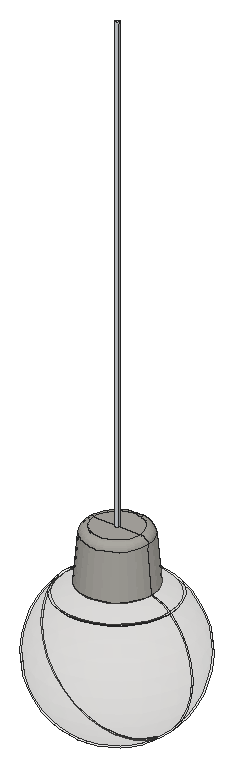
Revit family "Lighting_Pendants_Zero_Shibuya_Single_Pendant", category Lighting Fixtures, Revit 2020
Family settings
  Round Connector Dimension = Use Diameter
  Part Type = Normal
  OmniClass Number = 23.80.70.00
  OmniClass Title = Lighting
  Work Plane-Based = Yes
  Always vertical = Yes
  Cut with Voids When Loaded = No
  Light Source = Yes
  Shared = No
  Room Calculation Point = No
Parameters (values of type "Shibuya Glass Shade Grey")
  Youtube clip = ""
  Weight Net (Kg) = "1.8"
  Wattage Comments = "Recommended: 3.8W LED, 6W LED, 28W Halogen"
  Wattage = 3.16409 W
  WarrantyStartDate [instance] = "n/a"
  WarrantyGuarantorParts = "n/a"
  WarrantyGuarantorLabor = "n/a"
  WarrantyDurationUnit = "Year"
  WarrantyDurationParts = "n/a"
  WarrantyDurationLabor = "n/a"
  WarrantyDescription = "n/a"
  built-in parameter 1150110 = 1 (stored number, unit not read)
  VersionDate = "31/08/2023"  # constant formula
  Version = "3"  # constant formula
  UsageCurrent = 0 A
  Uniformat II Description = ""
  Uniformat II Code = ""
  Uniclass2015Reference = "Pr_70_70_48_86"
  Uniclass2015Description = "Suspended luminaires"
  Uniclass2 = "Pr_70_70_49_86"
  Uniclass 2015 Name = ""
  Uniclass 2015 Code = ""
  Uniclass 2.0 Description = ""
  Uniclass 2.0 Code = ""
  Uniclass 1.4 Description = ""
  Uniclass 1.4 Code = ""
  URL = "https://www.zerolighting.com/shibuyasingle-inompe/"
  UNSPSC Code = ""
  TotalWattage = 28 W
  built-in parameter 1114217 = 1 (stored number, unit not read)
  Tilt Angle = 90.00°
  built-in parameter 1150109 = 1 (stored number, unit not read)
  built-in parameter 1150134 = (empty or 0)
  Technical description = ""
  TagNumber [instance] = "n/a"
  SustainabilityPerformance = "n/a"
  built-in parameter 1150113 = 1 (stored number, unit not read)
  Size = "200x200x250 mm"
  Shape = "Sculptured"
  SerialNumber [instance] = "n/a"
  Revision = "5"  # constant formula
  ReplacementCost = "n/a"
  Region South America = "None"
  Region Oceania = "AU, NZ"
  Region North America = "BZ, CR, GT, HN, MX, NI, PA, SV, US"
  Region Middle East = "AE"
  Region Europe = "AD, AL, AT, AX, BA, BE, BG, BY, CH, CY, CZ, DE, DK, EE, ES, FI, FO, FR, GB, GG, GI, GR, HR, HU, IE, IM, IS, IT, JE, LI, LT, LU, LV, MC, MD, ME, MK, MT, NL, NO, PL, PT, RO, RS, RU, SE, SI, SJ, SK, SM, UA, VA"
  Region Asia = "HK, JP, SG"
  Region Antarctica = "None"
  Region Africa = "None"
  ProductInformation = "n/a"
  Product group = "Pendant"
  Product family = "Shibuya"
  Product certification = ""
  Product SKU = "Shibuya_single"
  Product Guid = "8b76f7d5-498d-4943-b7c3-2cfcd7e7e77a"
  Photometric Web File = "Shibuya8224.IES"
  PhaseReference = "n/a"
  PhaseAngle = 0.00°
  OmniClass Description = ""
  OmniClass Code = ""
  Offset [instance] = -849.993 mm
  NumberOfSources = 0
  NumberOfPoles = 1
  NominalVoltageCalc = 0 V
  NominalVoltage = 230 V
  NominalRadius = 100 mm
  NominalLength = 200 mm
  NominalFrequencyRange = 50 Hz
  NominalDiameter = 200 mm
  NominalCurrent = 0 A
  Nominal width = 0 mm
  Nominal height = 0 mm
  Name = "Zero_Shibuya_Single_Pendant"  # constant formula
  NBSReference = "90-60-50/405"
  NBSDescription = "General purpose luminaires"
  NBS Reference Description = ""
  NBS Reference Code = ""
  ModelType = shibuya02 : shibuya02
  ModelReference = "n/a"
  ModelNumber = "8224-1-11 + 8220-1-XX"
  Model = "Shibuya single Glass shade Grey"
  Material secondary = "Glass"
  Material main = "Aluminium"
  Material = "Metal"
  Masterformat 2014 Description = ""
  Masterformat 2014 Code = ""
  ManufacturersSpecificInformation = "n/a"
  ManufacturerURL = "https://www.zerolighting.com/"
  ManufacturerName = "Zero"
  Manufacturer name = "ZERO"
  Manufacturer country = "Sweden"
  Manufacturer = "Zero"
  MaintenanceFactor = 0
  Lumens = 470 lm
  built-in parameter 1150115 = 1 (stored number, unit not read)
  built-in parameter 1150105 = 86.538 (stored number, unit not read)
  LightFixtureSecondaryMaterial [instance] = Grey RAL 7030
  LightFixturePlacingType = "Ceiling"
  LightFixtureMountingType = "Suspended"
  LightFixtureMainMaterial = Glass Grey
  built-in parameter 1150137 = (empty or 0)
  built-in parameter 1150139 = (empty or 0)
  LensMaterial = Glass
  built-in parameter 1150112 = 1 (stored number, unit not read)
  built-in parameter 1150114 = 1 (stored number, unit not read)
  InsulationStandardClass = "n/a"
  InstallationDate [instance] = "n/a"
  Installation instructions = ""
  built-in parameter 1150132 = 2
  built-in parameter 1150102 = (empty or 0)
  built-in parameter 1150138 = (empty or 0)
  built-in parameter 1150107 = 3000 (stored number, unit not read)
  built-in parameter 1150106 = 0.86538 (stored number, unit not read)
  IfcExportType = "NOTDEFINED"  # constant formula
  IfcExportAs = "IfcLightFixtureType"  # constant formula
  IP_Code = "IP20"
  IFC Classification = ""
  HasProtectiveEarth = yes
  Grade = "n/a"
  GTIN code = ""
  Finish = "Painted aluminum.Shade in painted aluminum or glass"
  Features = "Light fitting art. no. -XX varies with color; -01 = White, -07 = Red, -95 = Grey"
  ExpectedLife = "n/a"
  ElectricalDeviceNominalPower = 0
  built-in parameter 1150104 = 13.8 (stored number, unit not read)
  Edition number = 1
  EANNumber = "n/a"
  DurationUnit = "Year"
  Dimming Lamp Color Temperature Shift = <None>
  Designer = "Thomas Bernstrand"
  Design country = "Sweden"
  DefaultElevation = 0 mm
  Default Elevation [instance] = 1219.2 mm
  Date of publishing = ""
  Constituents = "n/a"
  Color Filter = 16777215
  Color = "Grey"
  Collection = "Shibuya"
  CodePerformance = "n/a"
  Category = "Pendant"
  CableLength [instance] = 600 mm
  COBIe Type Category = ""
  Brand url = "http://www.zero.se"
  Brand = "Zero"
  Barcode [instance] = "n/a"
  built-in parameter 1114218 = 1 (stored number, unit not read)
  BIMObjectName = "Lighting_Pendants_Zero_Shibuya_Single_Pendant"  # constant formula
  Author = "BIMstone"  # constant formula
  built-in parameter 1150133 = 10 (stored number, unit not read)
  AssetType = "Fixed"
  AssetIdentifier [instance] = "n/a"
  ArticleNumber = "8224-1-11 + 8220-1-XX"
  AccessibilityPerformance = "n/a"
Types (6, lengths in mm): name | Wattage Comments | Wattage | Size | Photometric Web File | Offset | NominalRadius | NominalLength | NominalDiameter | ModelType | ModelNumber | Model | Lumens | built-in parameter 1150105 | LightFixtureMainMaterial | built-in parameter 1150106 | Color | ArticleNumber
  Shibuya Shade Alu White | "Recommended: 3.8W LED, 6W LED, 28W Halogen" | 3.16409 W | "200x200x250 mm" | "Shibuya8224.IES" | -849.993 | 100 | 200 | 200 | shibuya02 : shibuya02 | "8224-1-11 + 8220-1-XX" | "Shibuya single Glass shade Grey" | 470 lm | 86.538 (stored number, unit not read) | Glass Grey | 0.86538 (stored number, unit not read) | "Grey" | "8224-1-11 + 8220-1-XX"
  Shibuya Glass Shade Grey | "Recommended: 3.8W LED, 6W LED, 28W Halogen" | 3.16409 W | "200x200x250 mm" | "Shibuya8224.IES" | -849.993 | 100 | 200 | 200 | shibuya02 : shibuya02 | "8224-1-11 + 8220-1-XX" | "Shibuya single Glass shade Grey" | 470 lm | 86.538 (stored number, unit not read) | Glass Grey | 0.86538 (stored number, unit not read) | "Grey" | "8224-1-11 + 8220-1-XX"
  Shibuya Shade Alu Red | "Recommended: 6W LED, 20W Low energy" | 8.21317 W | "300x300x190 mm" | "Shibuya82231.IES" | -795.7 | 150 | 300 | 300 | shibuya01 : shibuya01 | "8223-1-07 + 8220-1-XX" | "Shibuya single Shade alu Red" | 1220 lm | 97.085 (stored number, unit not read) | Red RAL 3001 | 0.97085 (stored number, unit not read) | "Red" | "8223-1-07 + 8220-1-XX"
  Shibuya Shade Alu Grey | "Recommended: 6W LED, 20W Low energy" | 8.21317 W | "300x300x190 mm" | "Shibuya82231.IES" | -795.7 | 150 | 300 | 300 | shibuya01 : shibuya01 | "8223-1-95 + 8220-1-XX" | "Shibuya single Shade alu Grey" | 1220 lm | 97.085 (stored number, unit not read) | Grey RAL 7030 | 0.97085 (stored number, unit not read) | "Grey" | "8223-1-95 + 8220-1-XX"
  Shibuya Glass Shade Red | "Recommended: 3.8W LED, 6W LED, 28W Halogen" | 3.16409 W | "200x200x250 mm" | "Shibuya8224.IES" | -850.2 | 100 | 200 | 200 | shibuya02 : shibuya02 | "8224-1-07 + 8220-1-XX" | "Shibuya single Glass shade Red" | 470 lm | 86.538 (stored number, unit not read) | Glass Red | 0.86538 (stored number, unit not read) | "Red" | "8224-1-07 + 8220-1-XX"
  Shibuya Glass Shade Cognac | "Recommended: 3.8W LED, 6W LED, 28W Halogen" | 3.16409 W | "200x200x250 mm" | "Shibuya8224.IES" | -855.7 | 100 | 200 | 200 | shibuya02 : shibuya02 | "8224-1-16 + 8220-1-XX" | "Shibuya single Glass shade Cognac" | 470 lm | 86.538 (stored number, unit not read) | Glass Red | 0.86538 (stored number, unit not read) | "Cognac" | "8224-1-16 + 8220-1-XX"
Reference planes
  plane 1 "Light Source Axis (F/B)": y = 0
  plane 2: z = 0
  plane 3 "Light Source Axis (L/R)": x = 0
  plane 4 "Ceiling": z = 0
  plane 5 "Light Source Elevation": z = -790
  plane 6: y = 100
  plane 7: y = -100
  plane 8: z = -600
  plane 9: z = -850
  plane 10: x = -100
  plane 11: x = 100
  plane 12: z = 0
Forms (mm)
  Extrusion 1, solid, material "Grey RAL 7030" <- "LightFixtureSecondaryMaterial", detail levels coarse
    sketch origin (0, 0, -111) x (-1, 0, 0) y (0, -1, 0)
      loop
        line (100, 100) -> (-100, 100) -> (-100, -100) -> (100, -100) -> (100, 100)
    from 111 to -739
  Extrusion 2, solid, detail levels medium+fine
    sketch origin (0, 0, -790) x (-1, 0, 0) y (0, -1, 0)
      loop
        circle (0, 0) r 2.5
    from 190 to 790
Lines and regions (mm)
  symbolic lines, detail levels medium+fine
    curve 1: line (0, 2.624, 0) -> (0, 2.624, -600)
    curve 2: line (0, -2.376, -600) -> (0, -2.376, 0)
    curve 3: line (2.5, 0, -600) -> (2.5, 0, 0)
    curve 4: line (-2.5, 0, 0) -> (-2.5, 0, -600)
  symbolic lines, detail levels coarse
    curve 5: line (100, 0, -850) -> (-100, 0, -850)
    curve 6: line (100, 0, 0) -> (100, 0, -850)
    curve 7: line (-100, 0, 0) -> (100, 0, 0)
    curve 8: line (-100, 0, -850) -> (-100, 0, 0)
    curve 9: line (0, 100, -850) -> (0, 100, 0)
    curve 10: line (0, -100, 0) -> (0, -100, -850)
    curve 11: line (0, 100, 0) -> (0, -100, 0)
    curve 12: line (0, -100, -850) -> (0, 100, -850)
    curve 13: line (-100, 100, 0) -> (100, 100, 0)
    curve 14: line (-100, -100, 0) -> (-100, 100, 0)
    curve 15: line (100, -100, 0) -> (-100, -100, 0)
    curve 16: line (100, 100, 0) -> (100, -100, 0)
Dimensions and locks
  equal spacing: plane 6, plane 1 "Light Source Axis (F/B)", plane 7
  "NominalLength": plane 6 to plane 7
  equal spacing: Extrusion 1, plane 3 "Light Source Axis (L/R)", Extrusion 1
  "NominalLength": Extrusion 1 to Extrusion 1
  "CableLength": plane 8 to level
  plane 9 to plane 8 = 250 mm
  locked: plane 5 "Light Source Elevation" to plane 8 at 190
  equal spacing: plane 10, plane 3 "Light Source Axis (L/R)", plane 11
  "NominalLength": plane 10 to plane 11
  aligned and locked: plane 3 "Light Source Axis (L/R)" to imposter light
  aligned and locked: plane 1 "Light Source Axis (F/B)" to imposter light
  aligned and locked: level to Extrusion 2
  aligned and locked: Extrusion 2 to plane 8
  aligned and locked: imposter light to plane 5 "Light Source Elevation"
  aligned and locked: Extrusion 1 to plane 9
  aligned and locked: curve 5 to Extrusion 1
  aligned and locked: curve 6 to Extrusion 1
  aligned and locked: curve 7 to Extrusion 1
  aligned and locked: curve 8 to Extrusion 1
  aligned and locked: curve 9 to Extrusion 1
  aligned and locked: curve 10 to Extrusion 1
  aligned and locked: curve 11 to Extrusion 1
  aligned and locked: curve 12 to Extrusion 1
  aligned and locked: plane 6 to curve 13
  aligned and locked: curve 14 to plane 10
  aligned and locked: plane 11 to curve 16
  aligned and locked: nested 1 to plane 8
Automatic sketch dimensions
  plane 7 to Extrusion 1 sketch curve = 0 mm
  plane 6 to Extrusion 1 sketch curve = 0 mm
  plane 3 "Light Source Axis (L/R)" to Extrusion 1 sketch curve = 100 mm
  Extrusion 1 sketch curve to plane 3 "Light Source Axis (L/R)" = 100 mm
  plane 1 "Light Source Axis (F/B)" to Extrusion 2 sketch curve = 0 mm
  Extrusion 2 sketch curve to plane 3 "Light Source Axis (L/R)" = 0 mm
  curve 2 to plane 8 = 0 mm
  curve 1 to plane 8 = 0 mm
  curve 1 to level = 0 mm
  plane 1 "Light Source Axis (F/B)" to curve 2 = 2.376 mm
  curve 1 to plane 1 "Light Source Axis (F/B)" = 2.624 mm
  curve 4 to plane 8 = 0 mm
  curve 3 to plane 8 = 0 mm
  curve 4 to plane 3 "Light Source Axis (L/R)" = 2.5 mm
  plane 3 "Light Source Axis (L/R)" to curve 3 = 2.5 mm
  curve 10 to plane 7 = 0 mm
  curve 11 to plane 6 = 0 mm
  plane 5 "Light Source Elevation" to curve 10 = 60 mm
  curve 15 to plane 7 = 0 mm
Nested families
  nested 1: "shibuya02" at (0, 0, -849.993), Material2 <- "LightFixtureSecondaryMaterial", type <- "ModelType", Material3 <- "LensMaterial", Material1 <- "LightFixtureMainMaterial", built-in parameter 1001364 <- "Offset", type "shibuya02"
    with Material3 Glass, Material2 Grey RAL 7030, Material1 Glass Grey
Connectors
  electrical at (0, 0, 0), driven by "NominalVoltage"
    settings: on Extrusion 2, index 1, voltage 230 V, apparent load 0 VA, apparent load phase1 0 VA, apparent load phase2 0 VA, apparent load phase3 0 VA, power factor 1, load classification "Other", number of poles 1, system type 31, power factor state 1, is connector primary yes, connector utility no, sub classification motor no, connector description ""
Definition of nested family "shibuya02"
  Parameters (values of type "shibuya02")
    Material3 [instance] = none
    Material2 [instance] = none
    Material1 [instance] = none
    Default Elevation = 0 mm
  Reference planes
    plane 1 "Center (Front/Back)": y = 0
    plane 2: z = 0
    plane 3 "Center (Left/Right)": x = 0
  Forms (mm)
    Revolve 1, solid, material <- "Material2", detail levels medium+fine
      sketch origin (0, 0, 0) x (1, 0, 0) y (0, 0, 1)
        loop
          line (0, 250) -> (-30.934, 250)
          arc (-30.934, 250) -> (-37.651, 247.409) -> (-40.886, 240.978) r 10
          line (-40.886, 240.978) -> (-46.441, 184.439) -> (-45.436, 184.439) -> (-39.891, 240.88)
          arc (-39.891, 240.88) -> (-36.979, 246.668) -> (-30.934, 249) r 9
          line (-30.934, 249) -> (0, 249) -> (0, 250)
        axis (0, 250) -> (0, 184.439)
      angle from 0 to 360
    Revolve 2, solid, material <- "Material1", detail levels medium+fine
      sketch origin (0, 0, 0) x (1, 0, 0) y (0, 0, 1)
        loop
          arc (1.001, -0.249) -> (93.355, 61.402) -> (71.835, 170.338) r 100
          arc (71.835, 170.338) -> (60.133, 179.18) -> (46.441, 184.439) r 52.507
          line (46.441, 184.439) -> (45.436, 184.439) -> (45.436, 182.615)
          arc (45.436, 182.615) -> (58.028, 178.047) -> (68.983, 170.338) r 50.648
          arc (68.983, 170.338) -> (91.889, 63.101) -> (1.001, 1.751) r 98
          line (1.001, 1.751) -> (1.001, -0.249)
        axis (0, -0.249) -> (0, 184.439)
      angle from 0 to 360
  Lines and regions (mm)
    symbolic lines, detail levels medium+fine
      curve 1: line (0, 0, 249.993) -> (0, 31.092, 249.993)
      curve 2: arc (0, 31.092, 249.993) -> (0, 38.106, 247.088) -> (0, 41.011, 240.074) r 9.919
      curve 3: line (0, 41.011, 240.074) -> (0, 46.441, 184.439)
      curve 4: arc (0, 46.441, 184.439) -> (0, 60.84, 178.704) -> (0, 73.006, 169.102) r 53.809
      curve 5: arc (0, 73.006, 169.102) -> (0, 92.988, 138.589) -> (0, 101.056, 103.02) r 102.789
      curve 6: arc (0, 101.056, 103.02) -> (0, 97.441, 72.329) -> (0, 84.244, 44.386) r 95.811
      curve 7: arc (0, 84.244, 44.386) -> (0, 66.587, 24.228) -> (0, 44.169, 9.549) r 98.915
      curve 8: arc (0, 44.169, 9.549) -> (0, 22.638, 2.213) -> (0, 0, 0) r 98.722
      curve 10: line (0, 0, 249.993) -> (0, -31.092, 249.993)
      curve 11: arc (0, -31.092, 249.993) -> (0, -38.106, 247.088) -> (0, -41.011, 240.074) r 9.919
      curve 12: line (0, -41.011, 240.074) -> (0, -46.441, 184.439)
      curve 13: arc (0, -46.441, 184.439) -> (0, -60.84, 178.704) -> (0, -73.006, 169.102) r 53.809
      curve 14: arc (0, -73.006, 169.102) -> (0, -92.988, 138.589) -> (0, -101.056, 103.02) r 102.789
      curve 15: arc (0, -101.056, 103.02) -> (0, -97.441, 72.329) -> (0, -84.244, 44.386) r 95.811
      curve 16: arc (0, -84.244, 44.386) -> (0, -66.587, 24.228) -> (0, -44.169, 9.549) r 98.915
      curve 17: arc (0, -44.169, 9.549) -> (0, -22.638, 2.213) -> (0, 0, 0) r 98.722
      curve 19: line (0, 0, 250.029) -> (-30, 0, 250.029)
      curve 20: arc (-30, 0, 250.029) -> (-37.192, 0, 247.856) -> (-40.812, 0, 241.273) r 9.948
      curve 21: line (-40.812, 0, 241.273) -> (-46.441, 0, 184.439)
      curve 22: arc (-46.441, 0, 184.439) -> (-65.367, 0, 175.841) -> (-79.92, 0, 160.997) r 56.667
      curve 23: arc (-79.92, 0, 160.997) -> (-95.706, 0, 132.06) -> (-101.082, 0, 99.538) r 98.695
      curve 24: arc (-101.082, 0, 99.538) -> (-95.581, 0, 67.06) -> (-79.92, 0, 38.079) r 100.984
      curve 25: arc (-79.92, 0, 38.079) -> (-63.15, 0, 21.243) -> (-42.757, 0, 9.045) r 95.952
      curve 26: arc (-42.757, 0, 9.045) -> (-21.847, 0, 2.307) -> (0, 0, 0) r 106.588
      curve 27: line (0, 0, 250.029) -> (30, 0, 250.029)
      curve 28: arc (30, 0, 250.029) -> (37.192, 0, 247.856) -> (40.812, 0, 241.273) r 9.948
      curve 29: line (40.812, 0, 241.273) -> (46.441, 0, 184.439)
      curve 30: arc (46.441, 0, 184.439) -> (65.367, 0, 175.841) -> (79.92, 0, 160.997) r 56.667
      curve 31: arc (79.92, 0, 160.997) -> (95.706, 0, 132.06) -> (101.082, 0, 99.538) r 98.695
      curve 32: arc (101.082, 0, 99.538) -> (95.581, 0, 67.06) -> (79.92, 0, 38.079) r 100.984
      curve 33: arc (79.92, 0, 38.079) -> (63.15, 0, 21.243) -> (42.757, 0, 9.045) r 95.952
      curve 34: arc (42.757, 0, 9.045) -> (21.847, 0, 2.307) -> (0, 0, 0) r 106.588
      curve 36: circle (0, 0, 0) r 150 normal (0, 0, 1)
    symbolic lines, detail levels fine
      curve 9: line (0, 46.441, 184.439) -> (0, 0, 184.439)
      curve 18: line (0, -46.441, 184.439) -> (0, 0, 184.439)
      curve 35: line (-46.441, 0, 184.439) -> (46.441, 0, 184.439)
      curve 37: arc (45.436, 0, 0) -> (0, 45.436, 0) -> (-45.436, 0, 0) r 45.436
      curve 38: arc (-45.436, 0, 0) -> (0, -45.436, 0) -> (45.436, 0, 0) r 45.436
  Dimensions and locks
    aligned and locked: level to plane 2
